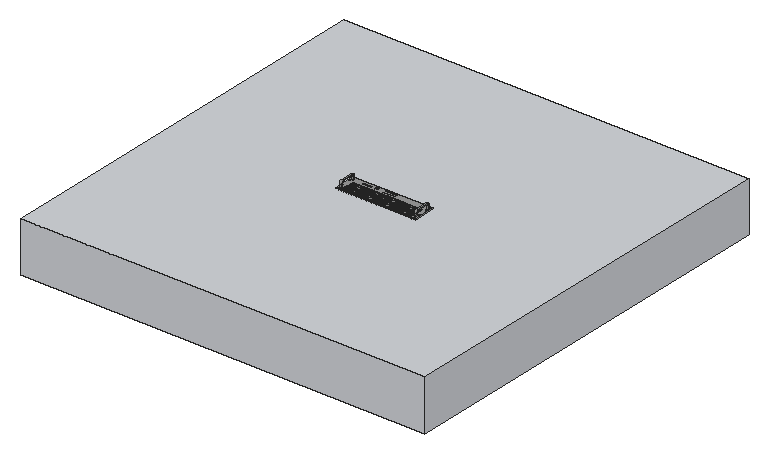
Revit family "IPS-10000", category Allgemeines Modell, Revit 2019 (continued)
Forms (mm)
  Extrusion 437, void
    sketch origin (-5.883, 117.493, 0) x (-1, 0, 0) y (0, -1, 0)
      loop
        line (-142.891, 104.22) -> (-142.891, 107.096) -> (-145.696, 107.096) -> (-145.696, 104.22) -> (-142.891, 104.22)
    from 3.837 to 11.095
  Extrusion 438, void
    sketch origin (-1.04, 117.493, 0) x (-1, 0, 0) y (0, -1, 0)
      loop
        line (-142.891, 104.22) -> (-142.891, 107.096) -> (-145.696, 107.096) -> (-145.696, 104.22) -> (-142.891, 104.22)
    from 3.837 to 11.095
  Extrusion 439, void
    sketch origin (-34.943, 112.493, 0) x (-1, 0, 0) y (0, -1, 0)
      loop
        line (-142.891, 104.22) -> (-142.891, 107.096) -> (-145.696, 107.096) -> (-145.696, 104.22) -> (-142.891, 104.22)
    from 3.837 to 11.095
  Extrusion 440, void
    sketch origin (-30.1, 112.493, 0) x (-1, 0, 0) y (0, -1, 0)
      loop
        line (-142.891, 104.22) -> (-142.891, 107.096) -> (-145.696, 107.096) -> (-145.696, 104.22) -> (-142.891, 104.22)
    from 3.837 to 11.095
  Extrusion 441, void
    sketch origin (-25.257, 112.493, 0) x (-1, 0, 0) y (0, -1, 0)
      loop
        line (-142.891, 104.22) -> (-142.891, 107.096) -> (-145.696, 107.096) -> (-145.696, 104.22) -> (-142.891, 104.22)
    from 3.837 to 11.095
  Extrusion 442, void
    sketch origin (-20.413, 112.493, 0) x (-1, 0, 0) y (0, -1, 0)
      loop
        line (-142.891, 104.22) -> (-142.891, 107.096) -> (-145.696, 107.096) -> (-145.696, 104.22) -> (-142.891, 104.22)
    from 3.837 to 11.095
  Extrusion 443, void
    sketch origin (-15.57, 112.493, 0) x (-1, 0, 0) y (0, -1, 0)
      loop
        line (-142.891, 104.22) -> (-142.891, 107.096) -> (-145.696, 107.096) -> (-145.696, 104.22) -> (-142.891, 104.22)
    from 3.837 to 11.095
  Extrusion 444, void
    sketch origin (-10.727, 112.493, 0) x (-1, 0, 0) y (0, -1, 0)
      loop
        line (-142.891, 104.22) -> (-142.891, 107.096) -> (-145.696, 107.096) -> (-145.696, 104.22) -> (-142.891, 104.22)
    from 3.837 to 11.095
  Extrusion 445, void
    sketch origin (-5.883, 112.493, 0) x (-1, 0, 0) y (0, -1, 0)
      loop
        line (-142.891, 104.22) -> (-142.891, 107.096) -> (-145.696, 107.096) -> (-145.696, 104.22) -> (-142.891, 104.22)
    from 3.837 to 11.095
  Extrusion 446, void
    sketch origin (-1.04, 112.493, 0) x (-1, 0, 0) y (0, -1, 0)
      loop
        line (-142.891, 104.22) -> (-142.891, 107.096) -> (-145.696, 107.096) -> (-145.696, 104.22) -> (-142.891, 104.22)
    from 3.837 to 11.095
  Extrusion 447, void
    sketch origin (-34.943, 107.493, 0) x (-1, 0, 0) y (0, -1, 0)
      loop
        line (-142.891, 104.22) -> (-142.891, 107.096) -> (-145.696, 107.096) -> (-145.696, 104.22) -> (-142.891, 104.22)
    from 3.837 to 11.095
  Extrusion 448, void
    sketch origin (-30.1, 107.493, 0) x (-1, 0, 0) y (0, -1, 0)
      loop
        line (-142.891, 104.22) -> (-142.891, 107.096) -> (-145.696, 107.096) -> (-145.696, 104.22) -> (-142.891, 104.22)
    from 3.837 to 11.095
  Extrusion 449, void
    sketch origin (-25.257, 107.493, 0) x (-1, 0, 0) y (0, -1, 0)
      loop
        line (-142.891, 104.22) -> (-142.891, 107.096) -> (-145.696, 107.096) -> (-145.696, 104.22) -> (-142.891, 104.22)
    from 3.837 to 11.095
  Extrusion 450, void
    sketch origin (-20.413, 107.493, 0) x (-1, 0, 0) y (0, -1, 0)
      loop
        line (-142.891, 104.22) -> (-142.891, 107.096) -> (-145.696, 107.096) -> (-145.696, 104.22) -> (-142.891, 104.22)
    from 3.837 to 11.095
  Extrusion 451, void
    sketch origin (-15.57, 107.493, 0) x (-1, 0, 0) y (0, -1, 0)
      loop
        line (-142.891, 104.22) -> (-142.891, 107.096) -> (-145.696, 107.096) -> (-145.696, 104.22) -> (-142.891, 104.22)
    from 3.837 to 11.095
  Extrusion 452, void
    sketch origin (-10.727, 107.493, 0) x (-1, 0, 0) y (0, -1, 0)
      loop
        line (-142.891, 104.22) -> (-142.891, 107.096) -> (-145.696, 107.096) -> (-145.696, 104.22) -> (-142.891, 104.22)
    from 3.837 to 11.095
  Extrusion 453, void
    sketch origin (-5.883, 107.493, 0) x (-1, 0, 0) y (0, -1, 0)
      loop
        line (-142.891, 104.22) -> (-142.891, 107.096) -> (-145.696, 107.096) -> (-145.696, 104.22) -> (-142.891, 104.22)
    from 3.837 to 11.095
  Extrusion 454, void
    sketch origin (-1.04, 107.493, 0) x (-1, 0, 0) y (0, -1, 0)
      loop
        line (-142.891, 104.22) -> (-142.891, 107.096) -> (-145.696, 107.096) -> (-145.696, 104.22) -> (-142.891, 104.22)
    from 3.837 to 11.095
  Extrusion 455, void
    sketch origin (349.787, 0, 0) x (1, 0, 0) y (0, 1, 0)
      loop
        line (-142.891, 18.273) -> (-145.696, 18.273) -> (-145.696, 15.397) -> (-142.891, 15.397) -> (-142.891, 18.273)
    from 3.837 to 11.095
  Extrusion 456, void
    sketch origin (344.943, 0, 0) x (1, 0, 0) y (0, 1, 0)
      loop
        line (-142.891, 18.273) -> (-145.696, 18.273) -> (-145.696, 15.397) -> (-142.891, 15.397) -> (-142.891, 18.273)
    from 3.837 to 11.095
  Extrusion 457, void
    sketch origin (340.1, 0, 0) x (1, 0, 0) y (0, 1, 0)
      loop
        line (-142.891, 18.273) -> (-145.696, 18.273) -> (-145.696, 15.397) -> (-142.891, 15.397) -> (-142.891, 18.273)
    from 3.837 to 11.095
  Extrusion 458, void
    sketch origin (335.257, 0, 0) x (1, 0, 0) y (0, 1, 0)
      loop
        line (-142.891, 18.273) -> (-145.696, 18.273) -> (-145.696, 15.397) -> (-142.891, 15.397) -> (-142.891, 18.273)
    from 3.837 to 11.095
  Extrusion 459, void
    sketch origin (330.413, 0, 0) x (1, 0, 0) y (0, 1, 0)
      loop
        line (-142.891, 18.273) -> (-145.696, 18.273) -> (-145.696, 15.397) -> (-142.891, 15.397) -> (-142.891, 18.273)
    from 3.837 to 11.095
  Extrusion 460, void
    sketch origin (325.57, 0, 0) x (1, 0, 0) y (0, 1, 0)
      loop
        line (-142.891, 18.273) -> (-145.696, 18.273) -> (-145.696, 15.397) -> (-142.891, 15.397) -> (-142.891, 18.273)
    from 3.837 to 11.095
  Extrusion 461, void
    sketch origin (320.727, 0, 0) x (1, 0, 0) y (0, 1, 0)
      loop
        line (-142.891, 18.273) -> (-145.696, 18.273) -> (-145.696, 15.397) -> (-142.891, 15.397) -> (-142.891, 18.273)
    from 3.837 to 11.095
  Extrusion 462, void
    sketch origin (315.883, 0, 0) x (1, 0, 0) y (0, 1, 0)
      loop
        line (-142.891, 18.273) -> (-145.696, 18.273) -> (-145.696, 15.397) -> (-142.891, 15.397) -> (-142.891, 18.273)
    from 3.837 to 11.095
  Extrusion 463, void
    sketch origin (349.787, -5, 0) x (1, 0, 0) y (0, 1, 0)
      loop
        line (-142.891, 18.273) -> (-145.696, 18.273) -> (-145.696, 15.397) -> (-142.891, 15.397) -> (-142.891, 18.273)
    from 3.837 to 11.095
  Extrusion 464, void
    sketch origin (344.943, -5, 0) x (1, 0, 0) y (0, 1, 0)
      loop
        line (-142.891, 18.273) -> (-145.696, 18.273) -> (-145.696, 15.397) -> (-142.891, 15.397) -> (-142.891, 18.273)
    from 3.837 to 11.095
  Extrusion 465, void
    sketch origin (340.1, -5, 0) x (1, 0, 0) y (0, 1, 0)
      loop
        line (-142.891, 18.273) -> (-145.696, 18.273) -> (-145.696, 15.397) -> (-142.891, 15.397) -> (-142.891, 18.273)
    from 3.837 to 11.095
  Extrusion 466, void
    sketch origin (335.257, -5, 0) x (1, 0, 0) y (0, 1, 0)
      loop
        line (-142.891, 18.273) -> (-145.696, 18.273) -> (-145.696, 15.397) -> (-142.891, 15.397) -> (-142.891, 18.273)
    from 3.837 to 11.095
  Extrusion 467, void
    sketch origin (330.413, -5, 0) x (1, 0, 0) y (0, 1, 0)
      loop
        line (-142.891, 18.273) -> (-145.696, 18.273) -> (-145.696, 15.397) -> (-142.891, 15.397) -> (-142.891, 18.273)
    from 3.837 to 11.095
  Extrusion 468, void
    sketch origin (325.57, -5, 0) x (1, 0, 0) y (0, 1, 0)
      loop
        line (-142.891, 18.273) -> (-145.696, 18.273) -> (-145.696, 15.397) -> (-142.891, 15.397) -> (-142.891, 18.273)
    from 3.837 to 11.095
  Extrusion 469, void
    sketch origin (320.727, -5, 0) x (1, 0, 0) y (0, 1, 0)
      loop
        line (-142.891, 18.273) -> (-145.696, 18.273) -> (-145.696, 15.397) -> (-142.891, 15.397) -> (-142.891, 18.273)
    from 3.837 to 11.095
  Extrusion 470, void
    sketch origin (315.883, -5, 0) x (1, 0, 0) y (0, 1, 0)
      loop
        line (-142.891, 18.273) -> (-145.696, 18.273) -> (-145.696, 15.397) -> (-142.891, 15.397) -> (-142.891, 18.273)
    from 3.837 to 11.095
  Extrusion 471, void
    sketch origin (349.787, -10, 0) x (1, 0, 0) y (0, 1, 0)
      loop
        line (-142.891, 18.273) -> (-145.696, 18.273) -> (-145.696, 15.397) -> (-142.891, 15.397) -> (-142.891, 18.273)
    from 3.837 to 11.095
  Extrusion 472, void
    sketch origin (344.943, -10, 0) x (1, 0, 0) y (0, 1, 0)
      loop
        line (-142.891, 18.273) -> (-145.696, 18.273) -> (-145.696, 15.397) -> (-142.891, 15.397) -> (-142.891, 18.273)
    from 3.837 to 11.095
  Extrusion 473, void
    sketch origin (340.1, -10, 0) x (1, 0, 0) y (0, 1, 0)
      loop
        line (-142.891, 18.273) -> (-145.696, 18.273) -> (-145.696, 15.397) -> (-142.891, 15.397) -> (-142.891, 18.273)
    from 3.837 to 11.095
  Extrusion 474, void
    sketch origin (335.257, -10, 0) x (1, 0, 0) y (0, 1, 0)
      loop
        line (-142.891, 18.273) -> (-145.696, 18.273) -> (-145.696, 15.397) -> (-142.891, 15.397) -> (-142.891, 18.273)
    from 3.837 to 11.095
  Extrusion 475, void
    sketch origin (330.413, -10, 0) x (1, 0, 0) y (0, 1, 0)
      loop
        line (-142.891, 18.273) -> (-145.696, 18.273) -> (-145.696, 15.397) -> (-142.891, 15.397) -> (-142.891, 18.273)
    from 3.837 to 11.095
  Extrusion 476, void
    sketch origin (325.57, -10, 0) x (1, 0, 0) y (0, 1, 0)
      loop
        line (-142.891, 18.273) -> (-145.696, 18.273) -> (-145.696, 15.397) -> (-142.891, 15.397) -> (-142.891, 18.273)
    from 3.837 to 11.095
  Extrusion 477, void
    sketch origin (320.727, -10, 0) x (1, 0, 0) y (0, 1, 0)
      loop
        line (-142.891, 18.273) -> (-145.696, 18.273) -> (-145.696, 15.397) -> (-142.891, 15.397) -> (-142.891, 18.273)
    from 3.837 to 11.095
  Extrusion 478, void
    sketch origin (315.883, -10, 0) x (1, 0, 0) y (0, 1, 0)
      loop
        line (-142.891, 18.273) -> (-145.696, 18.273) -> (-145.696, 15.397) -> (-142.891, 15.397) -> (-142.891, 18.273)
    from 3.837 to 11.095
  Extrusion 479, void
    sketch origin (349.787, -15, 0) x (1, 0, 0) y (0, 1, 0)
      loop
        line (-142.891, 18.273) -> (-145.696, 18.273) -> (-145.696, 15.397) -> (-142.891, 15.397) -> (-142.891, 18.273)
    from 3.837 to 11.095
  Extrusion 480, void
    sketch origin (344.943, -15, 0) x (1, 0, 0) y (0, 1, 0)
      loop
        line (-142.891, 18.273) -> (-145.696, 18.273) -> (-145.696, 15.397) -> (-142.891, 15.397) -> (-142.891, 18.273)
    from 3.837 to 11.095
  Extrusion 481, void
    sketch origin (340.1, -15, 0) x (1, 0, 0) y (0, 1, 0)
      loop
        line (-142.891, 18.273) -> (-145.696, 18.273) -> (-145.696, 15.397) -> (-142.891, 15.397) -> (-142.891, 18.273)
    from 3.837 to 11.095
  Extrusion 482, void
    sketch origin (335.257, -15, 0) x (1, 0, 0) y (0, 1, 0)
      loop
        line (-142.891, 18.273) -> (-145.696, 18.273) -> (-145.696, 15.397) -> (-142.891, 15.397) -> (-142.891, 18.273)
    from 3.837 to 11.095
  Extrusion 483, void
    sketch origin (330.413, -15, 0) x (1, 0, 0) y (0, 1, 0)
      loop
        line (-142.891, 18.273) -> (-145.696, 18.273) -> (-145.696, 15.397) -> (-142.891, 15.397) -> (-142.891, 18.273)
    from 3.837 to 11.095
  Extrusion 484, void
    sketch origin (325.57, -15, 0) x (1, 0, 0) y (0, 1, 0)
      loop
        line (-142.891, 18.273) -> (-145.696, 18.273) -> (-145.696, 15.397) -> (-142.891, 15.397) -> (-142.891, 18.273)
    from 3.837 to 11.095
  Extrusion 485, void
    sketch origin (320.727, -15, 0) x (1, 0, 0) y (0, 1, 0)
      loop
        line (-142.891, 18.273) -> (-145.696, 18.273) -> (-145.696, 15.397) -> (-142.891, 15.397) -> (-142.891, 18.273)
    from 3.837 to 11.095
  Extrusion 486, void
    sketch origin (315.883, -15, 0) x (1, 0, 0) y (0, 1, 0)
      loop
        line (-142.891, 18.273) -> (-145.696, 18.273) -> (-145.696, 15.397) -> (-142.891, 15.397) -> (-142.891, 18.273)
    from 3.837 to 11.095
  Extrusion 487, void
    sketch origin (-34.943, 76.246, 0) x (-1, 0, 0) y (0, -1, 0)
      loop
        line (-142.891, 104.22) -> (-142.891, 107.096) -> (-145.696, 107.096) -> (-145.696, 104.22) -> (-142.891, 104.22)
    from 3.837 to 11.095
  Extrusion 488, void
    sketch origin (-30.1, 76.246, 0) x (-1, 0, 0) y (0, -1, 0)
      loop
        line (-142.891, 104.22) -> (-142.891, 107.096) -> (-145.696, 107.096) -> (-145.696, 104.22) -> (-142.891, 104.22)
    from 3.837 to 11.095
  Extrusion 489, void
    sketch origin (-25.257, 76.246, 0) x (-1, 0, 0) y (0, -1, 0)
      loop
        line (-142.891, 104.22) -> (-142.891, 107.096) -> (-145.696, 107.096) -> (-145.696, 104.22) -> (-142.891, 104.22)
    from 3.837 to 11.095
  Extrusion 490, void
    sketch origin (-20.413, 76.246, 0) x (-1, 0, 0) y (0, -1, 0)
      loop
        line (-142.891, 104.22) -> (-142.891, 107.096) -> (-145.696, 107.096) -> (-145.696, 104.22) -> (-142.891, 104.22)
    from 3.837 to 11.095
  Extrusion 491, void
    sketch origin (-15.57, 76.246, 0) x (-1, 0, 0) y (0, -1, 0)
      loop
        line (-142.891, 104.22) -> (-142.891, 107.096) -> (-145.696, 107.096) -> (-145.696, 104.22) -> (-142.891, 104.22)
    from 3.837 to 11.095
  Extrusion 492, void
    sketch origin (-10.727, 76.246, 0) x (-1, 0, 0) y (0, -1, 0)
      loop
        line (-142.891, 104.22) -> (-142.891, 107.096) -> (-145.696, 107.096) -> (-145.696, 104.22) -> (-142.891, 104.22)
    from 3.837 to 11.095
  Extrusion 493, void
    sketch origin (-5.883, 76.246, 0) x (-1, 0, 0) y (0, -1, 0)
      loop
        line (-142.891, 104.22) -> (-142.891, 107.096) -> (-145.696, 107.096) -> (-145.696, 104.22) -> (-142.891, 104.22)
    from 3.837 to 11.095
  Extrusion 494, void
    sketch origin (-1.04, 76.246, 0) x (-1, 0, 0) y (0, -1, 0)
      loop
        line (-142.891, 104.22) -> (-142.891, 107.096) -> (-145.696, 107.096) -> (-145.696, 104.22) -> (-142.891, 104.22)
    from 3.837 to 11.095
  Extrusion 495, void
    sketch origin (-34.943, 71.246, 0) x (-1, 0, 0) y (0, -1, 0)
      loop
        line (-142.891, 104.22) -> (-142.891, 107.096) -> (-145.696, 107.096) -> (-145.696, 104.22) -> (-142.891, 104.22)
    from 3.837 to 11.095
  Extrusion 496, void
    sketch origin (-30.1, 71.246, 0) x (-1, 0, 0) y (0, -1, 0)
      loop
        line (-142.891, 104.22) -> (-142.891, 107.096) -> (-145.696, 107.096) -> (-145.696, 104.22) -> (-142.891, 104.22)
    from 3.837 to 11.095
  Extrusion 497, void
    sketch origin (-25.257, 71.246, 0) x (-1, 0, 0) y (0, -1, 0)
      loop
        line (-142.891, 104.22) -> (-142.891, 107.096) -> (-145.696, 107.096) -> (-145.696, 104.22) -> (-142.891, 104.22)
    from 3.837 to 11.095
  Extrusion 498, void
    sketch origin (-20.413, 71.246, 0) x (-1, 0, 0) y (0, -1, 0)
      loop
        line (-142.891, 104.22) -> (-142.891, 107.096) -> (-145.696, 107.096) -> (-145.696, 104.22) -> (-142.891, 104.22)
    from 3.837 to 11.095
  Extrusion 499, void
    sketch origin (-15.57, 71.246, 0) x (-1, 0, 0) y (0, -1, 0)
      loop
        line (-142.891, 104.22) -> (-142.891, 107.096) -> (-145.696, 107.096) -> (-145.696, 104.22) -> (-142.891, 104.22)
    from 3.837 to 11.095
  Extrusion 500, void
    sketch origin (-10.727, 71.246, 0) x (-1, 0, 0) y (0, -1, 0)
      loop
        line (-142.891, 104.22) -> (-142.891, 107.096) -> (-145.696, 107.096) -> (-145.696, 104.22) -> (-142.891, 104.22)
    from 3.837 to 11.095
  Extrusion 501, void
    sketch origin (-5.883, 71.246, 0) x (-1, 0, 0) y (0, -1, 0)
      loop
        line (-142.891, 104.22) -> (-142.891, 107.096) -> (-145.696, 107.096) -> (-145.696, 104.22) -> (-142.891, 104.22)
    from 3.837 to 11.095
  Extrusion 502, void
    sketch origin (-1.04, 71.246, 0) x (-1, 0, 0) y (0, -1, 0)
      loop
        line (-142.891, 104.22) -> (-142.891, 107.096) -> (-145.696, 107.096) -> (-145.696, 104.22) -> (-142.891, 104.22)
    from 3.837 to 11.095
  Extrusion 503, void
    sketch origin (-34.943, 66.246, 0) x (-1, 0, 0) y (0, -1, 0)
      loop
        line (-142.891, 104.22) -> (-142.891, 107.096) -> (-145.696, 107.096) -> (-145.696, 104.22) -> (-142.891, 104.22)
    from 3.837 to 11.095
  Extrusion 504, void
    sketch origin (-30.1, 66.246, 0) x (-1, 0, 0) y (0, -1, 0)
      loop
        line (-142.891, 104.22) -> (-142.891, 107.096) -> (-145.696, 107.096) -> (-145.696, 104.22) -> (-142.891, 104.22)
    from 3.837 to 11.095
  Extrusion 505, void
    sketch origin (-25.257, 66.246, 0) x (-1, 0, 0) y (0, -1, 0)
      loop
        line (-142.891, 104.22) -> (-142.891, 107.096) -> (-145.696, 107.096) -> (-145.696, 104.22) -> (-142.891, 104.22)
    from 3.837 to 11.095
  Extrusion 506, void
    sketch origin (-20.413, 66.246, 0) x (-1, 0, 0) y (0, -1, 0)
      loop
        line (-142.891, 104.22) -> (-142.891, 107.096) -> (-145.696, 107.096) -> (-145.696, 104.22) -> (-142.891, 104.22)
    from 3.837 to 11.095
  Extrusion 507, void
    sketch origin (-15.57, 66.246, 0) x (-1, 0, 0) y (0, -1, 0)
      loop
        line (-142.891, 104.22) -> (-142.891, 107.096) -> (-145.696, 107.096) -> (-145.696, 104.22) -> (-142.891, 104.22)
    from 3.837 to 11.095
  Extrusion 508, void
    sketch origin (-10.727, 66.246, 0) x (-1, 0, 0) y (0, -1, 0)
      loop
        line (-142.891, 104.22) -> (-142.891, 107.096) -> (-145.696, 107.096) -> (-145.696, 104.22) -> (-142.891, 104.22)
    from 3.837 to 11.095
  Extrusion 509, void
    sketch origin (-5.883, 66.246, 0) x (-1, 0, 0) y (0, -1, 0)
      loop
        line (-142.891, 104.22) -> (-142.891, 107.096) -> (-145.696, 107.096) -> (-145.696, 104.22) -> (-142.891, 104.22)
    from 3.837 to 11.095
  Extrusion 510, void
    sketch origin (-1.04, 66.246, 0) x (-1, 0, 0) y (0, -1, 0)
      loop
        line (-142.891, 104.22) -> (-142.891, 107.096) -> (-145.696, 107.096) -> (-145.696, 104.22) -> (-142.891, 104.22)
    from 3.837 to 11.095
  Extrusion 511, void
    sketch origin (349.787, -61.246, 0) x (1, 0, 0) y (0, 1, 0)
      loop
        line (-241.839, 18.273) -> (-241.839, 15.397) -> (-239.034, 15.397) -> (-239.034, 18.273) -> (-241.839, 18.273)
    from 3.837 to 11.095
  Extrusion 512, void
    sketch origin (344.943, -61.246, 0) x (1, 0, 0) y (0, 1, 0)
      loop
        line (-232.153, 18.273) -> (-232.153, 15.397) -> (-229.347, 15.397) -> (-229.347, 18.273) -> (-232.153, 18.273)
    from 3.837 to 11.095
  Extrusion 513, void
    sketch origin (340.1, -61.246, 0) x (1, 0, 0) y (0, 1, 0)
      loop
        line (-222.466, 18.273) -> (-222.466, 15.397) -> (-219.66, 15.397) -> (-219.66, 18.273) -> (-222.466, 18.273)
    from 3.837 to 11.095
  Extrusion 514, void
    sketch origin (335.257, -61.246, 0) x (1, 0, 0) y (0, 1, 0)
      loop
        line (-212.779, 18.273) -> (-212.779, 15.397) -> (-209.974, 15.397) -> (-209.974, 18.273) -> (-212.779, 18.273)
    from 3.837 to 11.095
  Extrusion 515, void
    sketch origin (330.413, -61.246, 0) x (1, 0, 0) y (0, 1, 0)
      loop
        line (-203.093, 18.273) -> (-203.093, 15.397) -> (-200.287, 15.397) -> (-200.287, 18.273) -> (-203.093, 18.273)
    from 3.837 to 11.095
  Extrusion 516, void
    sketch origin (325.57, -61.246, 0) x (1, 0, 0) y (0, 1, 0)
      loop
        line (-193.406, 18.273) -> (-193.406, 15.397) -> (-190.6, 15.397) -> (-190.6, 18.273) -> (-193.406, 18.273)
    from 3.837 to 11.095
  Extrusion 517, void
    sketch origin (320.727, -61.246, 0) x (1, 0, 0) y (0, 1, 0)
      loop
        line (-183.719, 18.273) -> (-183.719, 15.397) -> (-180.914, 15.397) -> (-180.914, 18.273) -> (-183.719, 18.273)
    from 3.837 to 11.095
  Extrusion 518, void
    sketch origin (315.883, -61.246, 0) x (1, 0, 0) y (0, 1, 0)
      loop
        line (-174.033, 18.273) -> (-174.033, 15.397) -> (-171.227, 15.397) -> (-171.227, 18.273) -> (-174.033, 18.273)
    from 3.837 to 11.095
  Extrusion 519, void
    sketch origin (349.787, -46.246, 0) x (1, 0, 0) y (0, 1, 0)
      loop
        line (-142.891, 18.273) -> (-145.696, 18.273) -> (-145.696, 15.397) -> (-142.891, 15.397) -> (-142.891, 18.273)
    from 3.837 to 11.095
  Extrusion 520, void
    sketch origin (344.943, -46.246, 0) x (1, 0, 0) y (0, 1, 0)
      loop
        line (-142.891, 18.273) -> (-145.696, 18.273) -> (-145.696, 15.397) -> (-142.891, 15.397) -> (-142.891, 18.273)
    from 3.837 to 11.095
  Extrusion 521, void
    sketch origin (340.1, -46.246, 0) x (1, 0, 0) y (0, 1, 0)
      loop
        line (-142.891, 18.273) -> (-145.696, 18.273) -> (-145.696, 15.397) -> (-142.891, 15.397) -> (-142.891, 18.273)
    from 3.837 to 11.095
  Extrusion 522, void
    sketch origin (335.257, -46.246, 0) x (1, 0, 0) y (0, 1, 0)
      loop
        line (-142.891, 18.273) -> (-145.696, 18.273) -> (-145.696, 15.397) -> (-142.891, 15.397) -> (-142.891, 18.273)
    from 3.837 to 11.095
  Extrusion 523, void
    sketch origin (330.413, -46.246, 0) x (1, 0, 0) y (0, 1, 0)
      loop
        line (-142.891, 18.273) -> (-145.696, 18.273) -> (-145.696, 15.397) -> (-142.891, 15.397) -> (-142.891, 18.273)
    from 3.837 to 11.095
  Extrusion 524, void
    sketch origin (325.57, -46.246, 0) x (1, 0, 0) y (0, 1, 0)
      loop
        line (-142.891, 18.273) -> (-145.696, 18.273) -> (-145.696, 15.397) -> (-142.891, 15.397) -> (-142.891, 18.273)
    from 3.837 to 11.095
  Extrusion 525, void
    sketch origin (320.727, -46.246, 0) x (1, 0, 0) y (0, 1, 0)
      loop
        line (-142.891, 18.273) -> (-145.696, 18.273) -> (-145.696, 15.397) -> (-142.891, 15.397) -> (-142.891, 18.273)
    from 3.837 to 11.095
  Extrusion 526, void
    sketch origin (315.883, -46.246, 0) x (1, 0, 0) y (0, 1, 0)
      loop
        line (-142.891, 18.273) -> (-145.696, 18.273) -> (-145.696, 15.397) -> (-142.891, 15.397) -> (-142.891, 18.273)
    from 3.837 to 11.095
  Extrusion 527, void
    sketch origin (349.787, -51.246, 0) x (1, 0, 0) y (0, 1, 0)
      loop
        line (-142.891, 18.273) -> (-145.696, 18.273) -> (-145.696, 15.397) -> (-142.891, 15.397) -> (-142.891, 18.273)
    from 3.837 to 11.095
  Extrusion 528, void
    sketch origin (344.943, -51.246, 0) x (1, 0, 0) y (0, 1, 0)
      loop
        line (-142.891, 18.273) -> (-145.696, 18.273) -> (-145.696, 15.397) -> (-142.891, 15.397) -> (-142.891, 18.273)
    from 3.837 to 11.095
  Extrusion 529, void
    sketch origin (340.1, -51.246, 0) x (1, 0, 0) y (0, 1, 0)
      loop
        line (-142.891, 18.273) -> (-145.696, 18.273) -> (-145.696, 15.397) -> (-142.891, 15.397) -> (-142.891, 18.273)
    from 3.837 to 11.095
  Extrusion 530, void
    sketch origin (335.257, -51.246, 0) x (1, 0, 0) y (0, 1, 0)
      loop
        line (-142.891, 18.273) -> (-145.696, 18.273) -> (-145.696, 15.397) -> (-142.891, 15.397) -> (-142.891, 18.273)
    from 3.837 to 11.095
  Extrusion 531, void
    sketch origin (330.413, -51.246, 0) x (1, 0, 0) y (0, 1, 0)
      loop
        line (-142.891, 18.273) -> (-145.696, 18.273) -> (-145.696, 15.397) -> (-142.891, 15.397) -> (-142.891, 18.273)
    from 3.837 to 11.095
  Extrusion 532, void
    sketch origin (325.57, -51.246, 0) x (1, 0, 0) y (0, 1, 0)
      loop
        line (-142.891, 18.273) -> (-145.696, 18.273) -> (-145.696, 15.397) -> (-142.891, 15.397) -> (-142.891, 18.273)
    from 3.837 to 11.095
  Extrusion 533, void
    sketch origin (320.727, -51.246, 0) x (1, 0, 0) y (0, 1, 0)
      loop
        line (-142.891, 18.273) -> (-145.696, 18.273) -> (-145.696, 15.397) -> (-142.891, 15.397) -> (-142.891, 18.273)
    from 3.837 to 11.095
  Extrusion 534, void
    sketch origin (315.883, -51.246, 0) x (1, 0, 0) y (0, 1, 0)
      loop
        line (-142.891, 18.273) -> (-145.696, 18.273) -> (-145.696, 15.397) -> (-142.891, 15.397) -> (-142.891, 18.273)
    from 3.837 to 11.095
  Extrusion 535, void
    sketch origin (349.787, -56.246, 0) x (1, 0, 0) y (0, 1, 0)
      loop
        line (-142.891, 18.273) -> (-145.696, 18.273) -> (-145.696, 15.397) -> (-142.891, 15.397) -> (-142.891, 18.273)
    from 3.837 to 11.095
  Extrusion 536, void
    sketch origin (344.943, -56.246, 0) x (1, 0, 0) y (0, 1, 0)
      loop
        line (-142.891, 18.273) -> (-145.696, 18.273) -> (-145.696, 15.397) -> (-142.891, 15.397) -> (-142.891, 18.273)
    from 3.837 to 11.095
  Extrusion 537, void
    sketch origin (340.1, -56.246, 0) x (1, 0, 0) y (0, 1, 0)
      loop
        line (-142.891, 18.273) -> (-145.696, 18.273) -> (-145.696, 15.397) -> (-142.891, 15.397) -> (-142.891, 18.273)
    from 3.837 to 11.095
  Extrusion 538, void
    sketch origin (335.257, -56.246, 0) x (1, 0, 0) y (0, 1, 0)
      loop
        line (-142.891, 18.273) -> (-145.696, 18.273) -> (-145.696, 15.397) -> (-142.891, 15.397) -> (-142.891, 18.273)
    from 3.837 to 11.095
  Extrusion 539, void
    sketch origin (330.413, -56.246, 0) x (1, 0, 0) y (0, 1, 0)
      loop
        line (-142.891, 18.273) -> (-145.696, 18.273) -> (-145.696, 15.397) -> (-142.891, 15.397) -> (-142.891, 18.273)
    from 3.837 to 11.095
  Extrusion 540, void
    sketch origin (325.57, -56.246, 0) x (1, 0, 0) y (0, 1, 0)
      loop
        line (-142.891, 18.273) -> (-145.696, 18.273) -> (-145.696, 15.397) -> (-142.891, 15.397) -> (-142.891, 18.273)
    from 3.837 to 11.095
  Extrusion 541, void
    sketch origin (320.727, -56.246, 0) x (1, 0, 0) y (0, 1, 0)
      loop
        line (-142.891, 18.273) -> (-145.696, 18.273) -> (-145.696, 15.397) -> (-142.891, 15.397) -> (-142.891, 18.273)
    from 3.837 to 11.095
  Extrusion 542, void
    sketch origin (315.883, -56.246, 0) x (1, 0, 0) y (0, 1, 0)
      loop
        line (-142.891, 18.273) -> (-145.696, 18.273) -> (-145.696, 15.397) -> (-142.891, 15.397) -> (-142.891, 18.273)
    from 3.837 to 11.095
  Extrusion 543, void
    sketch origin (349.787, -61.246, 0) x (1, 0, 0) y (0, 1, 0)
      loop
        line (-142.891, 18.273) -> (-145.696, 18.273) -> (-145.696, 15.397) -> (-142.891, 15.397) -> (-142.891, 18.273)
    from 3.837 to 11.095
  Extrusion 544, void
    sketch origin (344.943, -61.246, 0) x (1, 0, 0) y (0, 1, 0)
      loop
        line (-142.891, 18.273) -> (-145.696, 18.273) -> (-145.696, 15.397) -> (-142.891, 15.397) -> (-142.891, 18.273)
    from 3.837 to 11.095
  Extrusion 545, void
    sketch origin (340.1, -61.246, 0) x (1, 0, 0) y (0, 1, 0)
      loop
        line (-142.891, 18.273) -> (-145.696, 18.273) -> (-145.696, 15.397) -> (-142.891, 15.397) -> (-142.891, 18.273)
    from 3.837 to 11.095
  Extrusion 546, void
    sketch origin (335.257, -61.246, 0) x (1, 0, 0) y (0, 1, 0)
      loop
        line (-142.891, 18.273) -> (-145.696, 18.273) -> (-145.696, 15.397) -> (-142.891, 15.397) -> (-142.891, 18.273)
    from 3.837 to 11.095
  Extrusion 547, void
    sketch origin (330.413, -61.246, 0) x (1, 0, 0) y (0, 1, 0)
      loop
        line (-142.891, 18.273) -> (-145.696, 18.273) -> (-145.696, 15.397) -> (-142.891, 15.397) -> (-142.891, 18.273)
    from 3.837 to 11.095
  Extrusion 548, void
    sketch origin (325.57, -61.246, 0) x (1, 0, 0) y (0, 1, 0)
      loop
        line (-142.891, 18.273) -> (-145.696, 18.273) -> (-145.696, 15.397) -> (-142.891, 15.397) -> (-142.891, 18.273)
    from 3.837 to 11.095
  Extrusion 549, void
    sketch origin (320.727, -61.246, 0) x (1, 0, 0) y (0, 1, 0)
      loop
        line (-142.891, 18.273) -> (-145.696, 18.273) -> (-145.696, 15.397) -> (-142.891, 15.397) -> (-142.891, 18.273)
    from 3.837 to 11.095
  Extrusion 550, void
    sketch origin (315.883, -61.246, 0) x (1, 0, 0) y (0, 1, 0)
      loop
        line (-142.891, 18.273) -> (-145.696, 18.273) -> (-145.696, 15.397) -> (-142.891, 15.397) -> (-142.891, 18.273)
    from 3.837 to 11.095
  Extrusion 551, void
    sketch origin (-345.983, -26.136, 0) x (-1, 0, 0) y (0, -1, 0)
      loop
        line (-142.891, 21.727) -> (-142.891, 24.603) -> (-145.696, 24.603) -> (-145.696, 21.727) -> (-142.891, 21.727)
    from 3.837 to 11.095
  Extrusion 552, void
    sketch origin (-341.14, -26.136, 0) x (-1, 0, 0) y (0, -1, 0)
      loop
        line (-142.891, 21.727) -> (-142.891, 24.603) -> (-145.696, 24.603) -> (-145.696, 21.727) -> (-142.891, 21.727)
    from 3.837 to 11.095
  Extrusion 553, void
    sketch origin (-336.297, -26.136, 0) x (-1, 0, 0) y (0, -1, 0)
      loop
        line (-142.891, 21.727) -> (-142.891, 24.603) -> (-145.696, 24.603) -> (-145.696, 21.727) -> (-142.891, 21.727)
    from 3.837 to 11.095
  Extrusion 554, void
    sketch origin (-331.453, -26.136, 0) x (-1, 0, 0) y (0, -1, 0)
      loop
        line (-142.891, 21.727) -> (-142.891, 24.603) -> (-145.696, 24.603) -> (-145.696, 21.727) -> (-142.891, 21.727)
    from 3.837 to 11.095
  Extrusion 555, void
    sketch origin (-326.61, -26.136, 0) x (-1, 0, 0) y (0, -1, 0)
      loop
        line (-142.891, 21.727) -> (-142.891, 24.603) -> (-145.696, 24.603) -> (-145.696, 21.727) -> (-142.891, 21.727)
    from 3.837 to 11.095
  Extrusion 556, void
    sketch origin (19.373, -19.375, 0) x (1, 0, 0) y (0, 1, 0)
      loop
        line (-222.466, 18.273) -> (-222.466, 15.397) -> (-219.66, 15.397) -> (-219.66, 18.273) -> (-222.466, 18.273)
    from 3.837 to 11.095
  Extrusion 557, void
    sketch origin (19.373, -19.375, 0) x (1, 0, 0) y (0, 1, 0)
      loop
        line (-217.623, 18.273) -> (-217.623, 15.397) -> (-214.817, 15.397) -> (-214.817, 18.273) -> (-217.623, 18.273)
    from 3.837 to 11.095
  Extrusion 558, void
    sketch origin (19.373, -19.375, 0) x (1, 0, 0) y (0, 1, 0)
      loop
        line (-212.779, 18.273) -> (-212.779, 15.397) -> (-209.974, 15.397) -> (-209.974, 18.273) -> (-212.779, 18.273)
    from 3.837 to 11.095
  Extrusion 559, void
    sketch origin (19.373, -19.375, 0) x (1, 0, 0) y (0, 1, 0)
      loop
        line (-207.936, 18.273) -> (-207.936, 15.397) -> (-205.13, 15.397) -> (-205.13, 18.273) -> (-207.936, 18.273)
    from 3.837 to 11.095
  Extrusion 560, void
    sketch origin (19.373, -19.375, 0) x (1, 0, 0) y (0, 1, 0)
      loop
        line (-203.093, 18.273) -> (-203.093, 15.397) -> (-200.287, 15.397) -> (-200.287, 18.273) -> (-203.093, 18.273)
    from 3.837 to 11.095
  Extrusion 561, void
    sketch origin (38.747, -66.136, 0) x (1, 0, 0) y (0, 1, 0)
      loop
        line (-142.891, 18.273) -> (-145.696, 18.273) -> (-145.696, 15.397) -> (-142.891, 15.397) -> (-142.891, 18.273)
    from 3.837 to 11.095
  Extrusion 562, void
    sketch origin (33.903, -66.136, 0) x (1, 0, 0) y (0, 1, 0)
      loop
        line (-142.891, 18.273) -> (-145.696, 18.273) -> (-145.696, 15.397) -> (-142.891, 15.397) -> (-142.891, 18.273)
    from 3.837 to 11.095
  Extrusion 563, void
    sketch origin (29.06, -66.136, 0) x (1, 0, 0) y (0, 1, 0)
      loop
        line (-142.891, 18.273) -> (-145.696, 18.273) -> (-145.696, 15.397) -> (-142.891, 15.397) -> (-142.891, 18.273)
    from 3.837 to 11.095
  Extrusion 564, void
    sketch origin (24.217, -66.136, 0) x (1, 0, 0) y (0, 1, 0)
      loop
        line (-142.891, 18.273) -> (-145.696, 18.273) -> (-145.696, 15.397) -> (-142.891, 15.397) -> (-142.891, 18.273)
    from 3.837 to 11.095
  Extrusion 565, void
    sketch origin (19.373, -66.136, 0) x (1, 0, 0) y (0, 1, 0)
      loop
        line (-142.891, 18.273) -> (-145.696, 18.273) -> (-145.696, 15.397) -> (-142.891, 15.397) -> (-142.891, 18.273)
    from 3.837 to 11.095
  Extrusion 566, void
    sketch origin (38.747, -19.375, 0) x (1, 0, 0) y (0, 1, 0)
      loop
        line (-142.891, 18.273) -> (-145.696, 18.273) -> (-145.696, 15.397) -> (-142.891, 15.397) -> (-142.891, 18.273)
    from 3.837 to 11.095
  Extrusion 567, void
    sketch origin (33.903, -19.375, 0) x (1, 0, 0) y (0, 1, 0)
      loop
        line (-142.891, 18.273) -> (-145.696, 18.273) -> (-145.696, 15.397) -> (-142.891, 15.397) -> (-142.891, 18.273)
    from 3.837 to 11.095
  Extrusion 568, void
    sketch origin (29.06, -19.375, 0) x (1, 0, 0) y (0, 1, 0)
      loop
        line (-142.891, 18.273) -> (-145.696, 18.273) -> (-145.696, 15.397) -> (-142.891, 15.397) -> (-142.891, 18.273)
    from 3.837 to 11.095
  Extrusion 569, void
    sketch origin (24.217, -19.375, 0) x (1, 0, 0) y (0, 1, 0)
      loop
        line (-142.891, 18.273) -> (-145.696, 18.273) -> (-145.696, 15.397) -> (-142.891, 15.397) -> (-142.891, 18.273)
    from 3.837 to 11.095
  Extrusion 570, void
    sketch origin (19.373, -19.375, 0) x (1, 0, 0) y (0, 1, 0)
      loop
        line (-142.891, 18.273) -> (-145.696, 18.273) -> (-145.696, 15.397) -> (-142.891, 15.397) -> (-142.891, 18.273)
    from 3.837 to 11.095
  Extrusion 571, void
    sketch origin (-242.303, -26.345, 0) x (-1, 0, 0) y (0, -1, 0)
      loop
        line (-142.891, 21.727) -> (-142.891, 24.603) -> (-145.696, 24.603) -> (-145.696, 21.727) -> (-142.891, 21.727)
    from 3.837 to 11.095
  Extrusion 572, void
    sketch origin (-237.46, -26.345, 0) x (-1, 0, 0) y (0, -1, 0)
      loop
        line (-142.891, 21.727) -> (-142.891, 24.603) -> (-145.696, 24.603) -> (-145.696, 21.727) -> (-142.891, 21.727)
    from 3.837 to 11.095
  Extrusion 573, void
    sketch origin (-232.617, -26.345, 0) x (-1, 0, 0) y (0, -1, 0)
      loop
        line (-142.891, 21.727) -> (-142.891, 24.603) -> (-145.696, 24.603) -> (-145.696, 21.727) -> (-142.891, 21.727)
    from 3.837 to 11.095
  Extrusion 574, void
    sketch origin (-227.773, -26.345, 0) x (-1, 0, 0) y (0, -1, 0)
      loop
        line (-142.891, 21.727) -> (-142.891, 24.603) -> (-145.696, 24.603) -> (-145.696, 21.727) -> (-142.891, 21.727)
    from 3.837 to 11.095
  Extrusion 575, void
    sketch origin (-222.93, -26.345, 0) x (-1, 0, 0) y (0, -1, 0)
      loop
        line (-142.891, 21.727) -> (-142.891, 24.603) -> (-145.696, 24.603) -> (-145.696, 21.727) -> (-142.891, 21.727)
    from 3.837 to 11.095
  Extrusion 576, void
    sketch origin (123.053, -19.583, 0) x (1, 0, 0) y (0, 1, 0)
      loop
        line (-222.466, 18.273) -> (-222.466, 15.397) -> (-219.66, 15.397) -> (-219.66, 18.273) -> (-222.466, 18.273)
    from 3.837 to 11.095
  Extrusion 577, void
    sketch origin (123.053, -19.583, 0) x (1, 0, 0) y (0, 1, 0)
      loop
        line (-217.623, 18.273) -> (-217.623, 15.397) -> (-214.817, 15.397) -> (-214.817, 18.273) -> (-217.623, 18.273)
    from 3.837 to 11.095
  Extrusion 578, void
    sketch origin (123.053, -19.583, 0) x (1, 0, 0) y (0, 1, 0)
      loop
        line (-212.779, 18.273) -> (-212.779, 15.397) -> (-209.974, 15.397) -> (-209.974, 18.273) -> (-212.779, 18.273)
    from 3.837 to 11.095
  Extrusion 579, void
    sketch origin (123.053, -19.583, 0) x (1, 0, 0) y (0, 1, 0)
      loop
        line (-207.936, 18.273) -> (-207.936, 15.397) -> (-205.13, 15.397) -> (-205.13, 18.273) -> (-207.936, 18.273)
    from 3.837 to 11.095
  Extrusion 580, void
    sketch origin (123.053, -19.583, 0) x (1, 0, 0) y (0, 1, 0)
      loop
        line (-203.093, 18.273) -> (-203.093, 15.397) -> (-200.287, 15.397) -> (-200.287, 18.273) -> (-203.093, 18.273)
    from 3.837 to 11.095
  Extrusion 581, void
    sketch origin (142.427, -66.345, 0) x (1, 0, 0) y (0, 1, 0)
      loop
        line (-142.891, 18.273) -> (-145.696, 18.273) -> (-145.696, 15.397) -> (-142.891, 15.397) -> (-142.891, 18.273)
    from 3.837 to 11.095
  Extrusion 582, void
    sketch origin (137.583, -66.345, 0) x (1, 0, 0) y (0, 1, 0)
      loop
        line (-142.891, 18.273) -> (-145.696, 18.273) -> (-145.696, 15.397) -> (-142.891, 15.397) -> (-142.891, 18.273)
    from 3.837 to 11.095
  Extrusion 583, void
    sketch origin (132.74, -66.345, 0) x (1, 0, 0) y (0, 1, 0)
      loop
        line (-142.891, 18.273) -> (-145.696, 18.273) -> (-145.696, 15.397) -> (-142.891, 15.397) -> (-142.891, 18.273)
    from 3.837 to 11.095
  Extrusion 584, void
    sketch origin (127.897, -66.345, 0) x (1, 0, 0) y (0, 1, 0)
      loop
        line (-142.891, 18.273) -> (-145.696, 18.273) -> (-145.696, 15.397) -> (-142.891, 15.397) -> (-142.891, 18.273)
    from 3.837 to 11.095
  Extrusion 585, void
    sketch origin (123.053, -66.345, 0) x (1, 0, 0) y (0, 1, 0)
      loop
        line (-142.891, 18.273) -> (-145.696, 18.273) -> (-145.696, 15.397) -> (-142.891, 15.397) -> (-142.891, 18.273)
    from 3.837 to 11.095
  Extrusion 586, void
    sketch origin (142.427, -19.583, 0) x (1, 0, 0) y (0, 1, 0)
      loop
        line (-142.891, 18.273) -> (-145.696, 18.273) -> (-145.696, 15.397) -> (-142.891, 15.397) -> (-142.891, 18.273)
    from 3.837 to 11.095
  Extrusion 587, void
    sketch origin (137.583, -19.583, 0) x (1, 0, 0) y (0, 1, 0)
      loop
        line (-142.891, 18.273) -> (-145.696, 18.273) -> (-145.696, 15.397) -> (-142.891, 15.397) -> (-142.891, 18.273)
    from 3.837 to 11.095
  Extrusion 588, void
    sketch origin (132.74, -19.583, 0) x (1, 0, 0) y (0, 1, 0)
      loop
        line (-142.891, 18.273) -> (-145.696, 18.273) -> (-145.696, 15.397) -> (-142.891, 15.397) -> (-142.891, 18.273)
    from 3.837 to 11.095
  Extrusion 589, void
    sketch origin (127.897, -19.583, 0) x (1, 0, 0) y (0, 1, 0)
      loop
        line (-142.891, 18.273) -> (-145.696, 18.273) -> (-145.696, 15.397) -> (-142.891, 15.397) -> (-142.891, 18.273)
    from 3.837 to 11.095
  Extrusion 590, void
    sketch origin (123.053, -19.583, 0) x (1, 0, 0) y (0, 1, 0)
      loop
        line (-142.891, 18.273) -> (-145.696, 18.273) -> (-145.696, 15.397) -> (-142.891, 15.397) -> (-142.891, 18.273)
    from 3.837 to 11.095
  Extrusion 591, void
    sketch origin (-138.623, -26.553, 0) x (-1, 0, 0) y (0, -1, 0)
      loop
        line (-142.891, 21.727) -> (-142.891, 24.603) -> (-145.696, 24.603) -> (-145.696, 21.727) -> (-142.891, 21.727)
    from 3.837 to 11.095
  Extrusion 592, void
    sketch origin (-133.78, -26.553, 0) x (-1, 0, 0) y (0, -1, 0)
      loop
        line (-142.891, 21.727) -> (-142.891, 24.603) -> (-145.696, 24.603) -> (-145.696, 21.727) -> (-142.891, 21.727)
    from 3.837 to 11.095
  Extrusion 593, void
    sketch origin (-128.937, -26.553, 0) x (-1, 0, 0) y (0, -1, 0)
      loop
        line (-142.891, 21.727) -> (-142.891, 24.603) -> (-145.696, 24.603) -> (-145.696, 21.727) -> (-142.891, 21.727)
    from 3.837 to 11.095
  Extrusion 594, void
    sketch origin (-124.093, -26.553, 0) x (-1, 0, 0) y (0, -1, 0)
      loop
        line (-142.891, 21.727) -> (-142.891, 24.603) -> (-145.696, 24.603) -> (-145.696, 21.727) -> (-142.891, 21.727)
    from 3.837 to 11.095
  Extrusion 595, void
    sketch origin (-119.25, -26.553, 0) x (-1, 0, 0) y (0, -1, 0)
      loop
        line (-142.891, 21.727) -> (-142.891, 24.603) -> (-145.696, 24.603) -> (-145.696, 21.727) -> (-142.891, 21.727)
    from 3.837 to 11.095
  Extrusion 596, void
    sketch origin (226.733, -19.792, 0) x (1, 0, 0) y (0, 1, 0)
      loop
        line (-222.466, 18.273) -> (-222.466, 15.397) -> (-219.66, 15.397) -> (-219.66, 18.273) -> (-222.466, 18.273)
    from 3.837 to 11.095
  Extrusion 597, void
    sketch origin (226.733, -19.792, 0) x (1, 0, 0) y (0, 1, 0)
      loop
        line (-217.623, 18.273) -> (-217.623, 15.397) -> (-214.817, 15.397) -> (-214.817, 18.273) -> (-217.623, 18.273)
    from 3.837 to 11.095
  Extrusion 598, void
    sketch origin (226.733, -19.792, 0) x (1, 0, 0) y (0, 1, 0)
      loop
        line (-212.779, 18.273) -> (-212.779, 15.397) -> (-209.974, 15.397) -> (-209.974, 18.273) -> (-212.779, 18.273)
    from 3.837 to 11.095
  Extrusion 599, void
    sketch origin (226.733, -19.792, 0) x (1, 0, 0) y (0, 1, 0)
      loop
        line (-207.936, 18.273) -> (-207.936, 15.397) -> (-205.13, 15.397) -> (-205.13, 18.273) -> (-207.936, 18.273)
    from 3.837 to 11.095
  Extrusion 600, void
    sketch origin (226.733, -19.792, 0) x (1, 0, 0) y (0, 1, 0)
      loop
        line (-203.093, 18.273) -> (-203.093, 15.397) -> (-200.287, 15.397) -> (-200.287, 18.273) -> (-203.093, 18.273)
    from 3.837 to 11.095
  Extrusion 601, void
    sketch origin (246.107, -66.553, 0) x (1, 0, 0) y (0, 1, 0)
      loop
        line (-142.891, 18.273) -> (-145.696, 18.273) -> (-145.696, 15.397) -> (-142.891, 15.397) -> (-142.891, 18.273)
    from 3.837 to 11.095
  Extrusion 602, void
    sketch origin (241.263, -66.553, 0) x (1, 0, 0) y (0, 1, 0)
      loop
        line (-142.891, 18.273) -> (-145.696, 18.273) -> (-145.696, 15.397) -> (-142.891, 15.397) -> (-142.891, 18.273)
    from 3.837 to 11.095
  Extrusion 603, void
    sketch origin (236.42, -66.553, 0) x (1, 0, 0) y (0, 1, 0)
      loop
        line (-142.891, 18.273) -> (-145.696, 18.273) -> (-145.696, 15.397) -> (-142.891, 15.397) -> (-142.891, 18.273)
    from 3.837 to 11.095
  Extrusion 604, void
    sketch origin (231.577, -66.553, 0) x (1, 0, 0) y (0, 1, 0)
      loop
        line (-142.891, 18.273) -> (-145.696, 18.273) -> (-145.696, 15.397) -> (-142.891, 15.397) -> (-142.891, 18.273)
    from 3.837 to 11.095
  Extrusion 605, void
    sketch origin (226.733, -66.553, 0) x (1, 0, 0) y (0, 1, 0)
      loop
        line (-142.891, 18.273) -> (-145.696, 18.273) -> (-145.696, 15.397) -> (-142.891, 15.397) -> (-142.891, 18.273)
    from 3.837 to 11.095
  Extrusion 606, void
    sketch origin (246.107, -19.792, 0) x (1, 0, 0) y (0, 1, 0)
      loop
        line (-142.891, 18.273) -> (-145.696, 18.273) -> (-145.696, 15.397) -> (-142.891, 15.397) -> (-142.891, 18.273)
    from 3.837 to 11.095
  Extrusion 607, void
    sketch origin (241.263, -19.792, 0) x (1, 0, 0) y (0, 1, 0)
      loop
        line (-142.891, 18.273) -> (-145.696, 18.273) -> (-145.696, 15.397) -> (-142.891, 15.397) -> (-142.891, 18.273)
    from 3.837 to 11.095
  Extrusion 608, void
    sketch origin (236.42, -19.792, 0) x (1, 0, 0) y (0, 1, 0)
      loop
        line (-142.891, 18.273) -> (-145.696, 18.273) -> (-145.696, 15.397) -> (-142.891, 15.397) -> (-142.891, 18.273)
    from 3.837 to 11.095
  Extrusion 609, void
    sketch origin (231.577, -19.792, 0) x (1, 0, 0) y (0, 1, 0)
      loop
        line (-142.891, 18.273) -> (-145.696, 18.273) -> (-145.696, 15.397) -> (-142.891, 15.397) -> (-142.891, 18.273)
    from 3.837 to 11.095
  Extrusion 610, void
    sketch origin (226.733, -19.792, 0) x (1, 0, 0) y (0, 1, 0)
      loop
        line (-142.891, 18.273) -> (-145.696, 18.273) -> (-145.696, 15.397) -> (-142.891, 15.397) -> (-142.891, 18.273)
    from 3.837 to 11.095
  Extrusion 611, void
    sketch origin (-34.943, -26.761, 0) x (-1, 0, 0) y (0, -1, 0)
      loop
        line (-142.891, 21.727) -> (-142.891, 24.603) -> (-145.696, 24.603) -> (-145.696, 21.727) -> (-142.891, 21.727)
    from 3.837 to 11.095
  Extrusion 612, void
    sketch origin (-30.1, -26.761, 0) x (-1, 0, 0) y (0, -1, 0)
      loop
        line (-142.891, 21.727) -> (-142.891, 24.603) -> (-145.696, 24.603) -> (-145.696, 21.727) -> (-142.891, 21.727)
    from 3.837 to 11.095
  Extrusion 613, void
    sketch origin (-25.257, -26.761, 0) x (-1, 0, 0) y (0, -1, 0)
      loop
        line (-142.891, 21.727) -> (-142.891, 24.603) -> (-145.696, 24.603) -> (-145.696, 21.727) -> (-142.891, 21.727)
    from 3.837 to 11.095
  Extrusion 614, void
    sketch origin (-20.413, -26.761, 0) x (-1, 0, 0) y (0, -1, 0)
      loop
        line (-142.891, 21.727) -> (-142.891, 24.603) -> (-145.696, 24.603) -> (-145.696, 21.727) -> (-142.891, 21.727)
    from 3.837 to 11.095
  Extrusion 615, void
    sketch origin (-15.57, -26.761, 0) x (-1, 0, 0) y (0, -1, 0)
      loop
        line (-142.891, 21.727) -> (-142.891, 24.603) -> (-145.696, 24.603) -> (-145.696, 21.727) -> (-142.891, 21.727)
    from 3.837 to 11.095
  Extrusion 616, void
    sketch origin (330.413, -20, 0) x (1, 0, 0) y (0, 1, 0)
      loop
        line (-222.466, 18.273) -> (-222.466, 15.397) -> (-219.66, 15.397) -> (-219.66, 18.273) -> (-222.466, 18.273)
    from 3.837 to 11.095
  Extrusion 617, void
    sketch origin (330.413, -20, 0) x (1, 0, 0) y (0, 1, 0)
      loop
        line (-217.623, 18.273) -> (-217.623, 15.397) -> (-214.817, 15.397) -> (-214.817, 18.273) -> (-217.623, 18.273)
    from 3.837 to 11.095
  Extrusion 618, void
    sketch origin (330.413, -20, 0) x (1, 0, 0) y (0, 1, 0)
      loop
        line (-212.779, 18.273) -> (-212.779, 15.397) -> (-209.974, 15.397) -> (-209.974, 18.273) -> (-212.779, 18.273)
    from 3.837 to 11.095
  Extrusion 619, void
    sketch origin (330.413, -20, 0) x (1, 0, 0) y (0, 1, 0)
      loop
        line (-207.936, 18.273) -> (-207.936, 15.397) -> (-205.13, 15.397) -> (-205.13, 18.273) -> (-207.936, 18.273)
    from 3.837 to 11.095
  Extrusion 620, void
    sketch origin (330.413, -20, 0) x (1, 0, 0) y (0, 1, 0)
      loop
        line (-203.093, 18.273) -> (-203.093, 15.397) -> (-200.287, 15.397) -> (-200.287, 18.273) -> (-203.093, 18.273)
    from 3.837 to 11.095
  Extrusion 621, void
    sketch origin (349.787, -66.761, 0) x (1, 0, 0) y (0, 1, 0)
      loop
        line (-142.891, 18.273) -> (-145.696, 18.273) -> (-145.696, 15.397) -> (-142.891, 15.397) -> (-142.891, 18.273)
    from 3.837 to 11.095
  Extrusion 622, void
    sketch origin (344.943, -66.761, 0) x (1, 0, 0) y (0, 1, 0)
      loop
        line (-142.891, 18.273) -> (-145.696, 18.273) -> (-145.696, 15.397) -> (-142.891, 15.397) -> (-142.891, 18.273)
    from 3.837 to 11.095
  Extrusion 623, void
    sketch origin (340.1, -66.761, 0) x (1, 0, 0) y (0, 1, 0)
      loop
        line (-142.891, 18.273) -> (-145.696, 18.273) -> (-145.696, 15.397) -> (-142.891, 15.397) -> (-142.891, 18.273)
    from 3.837 to 11.095
  Extrusion 624, void
    sketch origin (335.257, -66.761, 0) x (1, 0, 0) y (0, 1, 0)
      loop
        line (-142.891, 18.273) -> (-145.696, 18.273) -> (-145.696, 15.397) -> (-142.891, 15.397) -> (-142.891, 18.273)
    from 3.837 to 11.095
  Extrusion 625, void
    sketch origin (330.413, -66.761, 0) x (1, 0, 0) y (0, 1, 0)
      loop
        line (-142.891, 18.273) -> (-145.696, 18.273) -> (-145.696, 15.397) -> (-142.891, 15.397) -> (-142.891, 18.273)
    from 3.837 to 11.095
  Extrusion 626, void
    sketch origin (349.787, -20, 0) x (1, 0, 0) y (0, 1, 0)
      loop
        line (-142.891, 18.273) -> (-145.696, 18.273) -> (-145.696, 15.397) -> (-142.891, 15.397) -> (-142.891, 18.273)
    from 3.837 to 11.095
  Extrusion 627, void
    sketch origin (344.943, -20, 0) x (1, 0, 0) y (0, 1, 0)
      loop
        line (-142.891, 18.273) -> (-145.696, 18.273) -> (-145.696, 15.397) -> (-142.891, 15.397) -> (-142.891, 18.273)
    from 3.837 to 11.095
  Extrusion 628, void
    sketch origin (340.1, -20, 0) x (1, 0, 0) y (0, 1, 0)
      loop
        line (-142.891, 18.273) -> (-145.696, 18.273) -> (-145.696, 15.397) -> (-142.891, 15.397) -> (-142.891, 18.273)
    from 3.837 to 11.095
  Extrusion 629, void
    sketch origin (335.257, -20, 0) x (1, 0, 0) y (0, 1, 0)
      loop
        line (-142.891, 18.273) -> (-145.696, 18.273) -> (-145.696, 15.397) -> (-142.891, 15.397) -> (-142.891, 18.273)
    from 3.837 to 11.095
  Extrusion 630, void
    sketch origin (330.413, -20, 0) x (1, 0, 0) y (0, 1, 0)
      loop
        line (-142.891, 18.273) -> (-145.696, 18.273) -> (-145.696, 15.397) -> (-142.891, 15.397) -> (-142.891, 18.273)
    from 3.837 to 11.095
Cuts and joins
  Extrusion 6, Extrusion 7, Extrusion 8, Extrusion 9, Extrusion 10, Extrusion 11, Extrusion 12, Extrusion 13, Extrusion 14, Extrusion 15, Extrusion 28, Extrusion 29, Extrusion 30, Extrusion 31, Extrusion 32, Extrusion 33, Extrusion 34, Extrusion 35, Extrusion 36, Extrusion 37, Extrusion 39, Extrusion 40, Extrusion 41, Extrusion 42, Extrusion 43, Extrusion 44, Extrusion 45, Extrusion 46, Extrusion 47, Extrusion 48, Extrusion 49, Extrusion 50, Extrusion 51, Extrusion 52, Extrusion 53, Extrusion 54, Extrusion 55, Extrusion 56, Extrusion 57, Extrusion 58, Extrusion 59, Extrusion 60, Extrusion 61, Extrusion 62, Extrusion 63, Extrusion 64, Extrusion 65, Extrusion 66, Extrusion 67, Extrusion 68, Extrusion 69, Extrusion 70, Extrusion 71, Extrusion 72, Extrusion 73, Extrusion 74, Extrusion 75, Extrusion 76, Extrusion 77, Extrusion 78, Extrusion 79, Extrusion 80, Extrusion 81, Extrusion 82, Extrusion 83, Extrusion 84, Extrusion 85, Extrusion 86, Extrusion 87, Extrusion 88, Extrusion 89, Extrusion 90, Extrusion 91, Extrusion 92, Extrusion 93, Extrusion 94 cuts Extrusion 2
